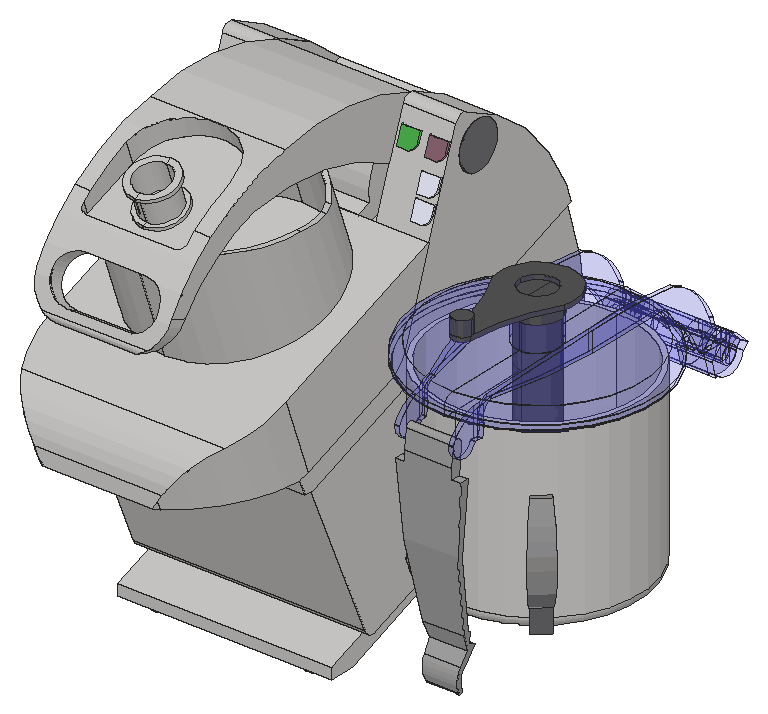
Revit family "QF_DITOSAMA_600435_DTRK55YI", category Specialty Equipment, Revit 2018
Family settings
  Round Connector Dimension = Use Diameter
  Part Type = Normal
  Work Plane-Based = No
  Always vertical = Yes
  Cut with Voids When Loaded = No
  Shared = No
  Room Calculation Point = No
Parameters (values of type "Standard")
  Weight = 27.40 kg
  Watts = 0 W
  Volts = 200 V
  URL Manufacturer = "http://www.ditosama.com"
  URL = "http://www.ditosama.com"
  Steam Supply Size = 0 mm
  Steam Supply Minimum Pressure = 0.0 Pa
  Steam Supply Maximum Pressure = 0.0 Pa
  Steam Pounds per Hour = 0
  Refrigeration Suction Line Size = 0 mm
  Refrigeration Liquid Line Size = 0 mm
  Refrigerant Compressor Remote = yes
  Manufacturer = "Dito Sama"
  Phase = 1
  Model = "DTRK55YI"
  Length Actual = 252 mm  # constant formula
  Item Number = "600435"
  Hot Water Size = 0 mm
  Height Actual = 505 mm  # constant formula
  HP = "1.7 HP"
  Gas Size = 0 mm
  Gas KW = 0
  Gas Input Pressure = 0 W
  Direct Waste Size = 0 mm
  Description = "CUTTER/SLICER 5.5L VARIAB.SPEED-1300W-200-240V/1N/50-60-CB APPROVED, SCHUKO PLUG"
  Depth Actual = 485 mm  # constant formula
  Cycle = 50 Hz
  Condensate Return Size = 0 mm
  Compressed Air Volume = 0.0 L/s
  Compressed Air Size = 0 mm
  Compressed Air Pressure = 0.0 Pa
  Cold Water Size = 0 mm
  Accessory = yes
Reference planes
  plane 1 "Center (Front/Back)": y = 0
  plane 2: z = 0
  plane 3 "Center (Left/Right)": x = 0
  plane 4 "BASE": through (-1506.947, -1354.442, -482.669) normal (0, -0.342, 0.9397)
  plane 5 "TOP": z = 725
  plane 6 "FRONT": y = -250
  plane 7 "BACK": y = 250
  plane 8 "LEFT": x = -126
  plane 9 "RIGHT": x = 126
  plane 10 "BaseSup": through (4267.2, -355.454, 143.983) normal (0, -0.342, 0.9397)
  plane 11 "TopCylinder": z = 505
  plane 12 "panel": through (4267.2, 37.396, 376.789) normal (0, -0.9397, 0.342)
  plane 13 "TAN1": through (4267.2, -242.8, 386.84) normal (0, -0.868, 0.4965)
  plane 14 "cx": x = -4.392
  plane 15: z = 490
  plane 16: z = 685
  plane 17 "EI_1": z = 320
  plane 18: z = 224
  plane 19 "SupportOblique": through (4267.2, 163.975, 96.815) normal (0, 0.809, 0.5878)
  plane 20 "CX2": x = 350
Forms (mm)
  Extrusion 1, solid, material "QF_Finishes_Stainless Steel"
    sketch origin (0, 71.755, 29.173) x (0, 0.939693, 0.34202) y (0, -0.34202, 0.939693)
      loop
        line (196.964, 40) -> (-146.726, 40) -> (-150.519, 29.578) -> (-124.204, 20) -> (196.964, 20) -> (196.964, 40)
    from -114.1 to 114.1
  Extrusion 2, solid, material "QF_Finishes_Stainless Steel"
    sketch origin (0, 71.755, 29.173) x (0, 0.939693, 0.34202) y (0, -0.34202, 0.939693)
      loop
        arc (-117.754, 231.836) -> (-115.679, 141.222) -> (-107.501, 50.953) r 1344.145
        arc (-107.501, 50.953) -> (-103.371, 43.13) -> (-95.098, 40) r 12.5
        line (-95.098, 40) -> (191.415, 40)
        arc (191.415, 40) -> (200.799, 44.052) -> (207.001, 52.177) r 20.212
        arc (207.001, 52.177) -> (236.663, 139.796) -> (245.906, 231.836) r 409.593
        line (245.906, 231.836) -> (-117.754, 231.836)
    from -123.6 to 123.2
  Extrusion 3, solid, material "QF_Finishes_Stainless Steel"
    sketch origin (0, 71.755, 29.173) x (0, 0.939693, 0.34202) y (0, -0.34202, 0.939693)
      loop
        line (-117.754, 231.836) -> (250, 231.836) -> (250, 254)
        arc (250, 254) -> (225.127, 344.7) -> (167.861, 419.303) r 244.524
        arc (167.861, 419.303) -> (160.498, 421.774) -> (153.587, 418.23) r 10
        line (153.587, 418.23) -> (25.432, 265.5)
        arc (25.432, 265.5) -> (14.376, 257.016) -> (0.77, 254) r 32.194
        line (0.77, 254) -> (-128.224, 254) -> (-128.224, 236.946) -> (-117.754, 231.836)
    from -125 to 125
  Extrusion 4, void
    sketch origin (0, 71.755, 29.173) x (0, 0.939693, 0.34202) y (0, -0.34202, 0.939693)
      loop
        line (146.605, 338.403) -> (228.145, 338.403)
        arc (228.145, 338.403) -> (202.221, 381.996) -> (167.861, 419.303) r 244.524
        arc (167.861, 419.303) -> (160.498, 421.774) -> (153.587, 418.23) r 10
        line (153.587, 418.23) -> (72.34, 321.403) -> (146.605, 321.403) -> (146.605, 338.403)
    from -76.755 to 68.071
  Extrusion 5, solid, material "QF_Finishes_Stainless Steel"
    sketch origin (0, 71.755, 29.173) x (0, 0.939693, 0.34202) y (0, -0.34202, 0.939693)
      loop
        line (86.605, 338.403) -> (69.605, 321.403) -> (146.605, 321.403) -> (146.605, 338.403) -> (138.179, 338.403) -> (138.179, 369.367)
        arc (138.179, 369.367) -> (147.784, 373.474) -> (158.149, 372.174) r 19.987
        arc (158.149, 372.174) -> (156.791, 382.001) -> (162.888, 389.826) r 12.748
        arc (162.888, 389.826) -> (123.302, 374.774) -> (101.605, 338.403) r 64.447
        line (101.605, 338.403) -> (86.605, 338.403)
    from -65 to 50
  Extrusion 6, solid, material "QF_Finishes_Stainless Steel"
    sketch origin (539, 71.755, 29.173) x (0, -0.939693, -0.34202) y (0, -0.34202, 0.939693)
      loop
        circle (-169.102, 378.696) r 12.748
    from 489 to 604
  Extrusion 7, solid, material "QF_Finishes_Rubber Black"
    sketch origin (0, 71.755, 29.173) x (0, 0.939693, 0.34202) y (0, -0.34202, 0.939693)
      loop
        circle (169.102, 378.696) r 25
    from 125 to 126.6
  Extrusion 8, solid, material "QF_Finishes_Green"
    sketch origin (-10, -113.728, -38.42) x (0, -0.34202, -0.939693) y (1, 0, 0)
      loop
        line (-529.862, 82.865) -> (-509.862, 82.865) -> (-509.862, 92.865)
        arc (-509.862, 92.865) -> (-512.791, 99.936) -> (-519.862, 102.865) r 10
        line (-519.862, 102.865) -> (-529.862, 102.865) -> (-529.862, 82.865)
    from 0 to 1.6
  Extrusion 9, solid, material "QF_Finishes_Red"
    sketch origin (20, -113.728, -38.42) x (0, -0.34202, -0.939693) y (1, 0, 0)
      loop
        line (-529.862, 82.865) -> (-509.862, 82.865) -> (-509.862, 92.865)
        arc (-509.862, 92.865) -> (-512.791, 99.936) -> (-519.862, 102.865) r 10
        line (-519.862, 102.865) -> (-529.862, 102.865) -> (-529.862, 82.865)
    from 0 to 1.6
  Extrusion 10, solid, material "QF_Finishes_Rubber Black"
    sketch origin (-20, -293.925, 99.376) x (0, -1, 0) y (1, 0, 0)
      loop
        circle (-230.144, 103.748) r 10
      loop
        circle (-230.144, -61.252) r 10
    from 9.274 to 3.787
  Extrusion 11, void
    sketch origin (-20.94, 306.731, 139.428) x (-1, 0, 0) y (0, -0.34202, 0.939693)
      loop
        circle (-20.94, 196.093) r 10
    from -1.916 to -26.433
  Extrusion 12, solid, material "QF_Finishes_Stainless Steel"
    sketch origin (-20.94, 306.678, 139.573) x (-1, 0, 0) y (0, -0.34202, 0.939693)
      loop
        circle (-20.94, 195.939) r 9.999
    from -8.514 to -26.433
  Extrusion 13, solid, material "QF_Finishes_Stainless Steel"
    sketch origin (0, -15.119, 267.855) x (0, -0.939693, -0.34202) y (1, 0, 0)
      loop
        line (-86.605, -125) -> (117.754, -125)
        arc (117.754, -125) -> (182.577, -108.838) -> (232.224, -64.135) r 138.076
        arc (232.224, -64.135) -> (246.337, -33.516) -> (250, 0) r 104.824
        arc (250, 0) -> (246.337, 33.516) -> (232.224, 64.135) r 104.824
        arc (232.224, 64.135) -> (182.577, 108.838) -> (117.754, 125) r 138.076
        line (117.754, 125) -> (-86.605, 125) -> (-86.605, -125)
    from 0 to 84.403
  Extrusion 14, void
    sketch origin (0, 71.755, 29.173) x (0, 0.939693, 0.34202) y (0, -0.34202, 0.939693)
      loop
        line (-183.149, 338.403) -> (-263.395, 338.403) -> (-263.395, 254) -> (-128.224, 254) -> (-235.716, 293.124) -> (-229.509, 307.133)
        arc (-229.509, 307.133) -> (-211.109, 329.855) -> (-183.149, 338.403) r 50
      loop
        line (86.605, 338.403) -> (25.432, 265.5)
        arc (25.432, 265.5) -> (14.376, 257.016) -> (0.77, 254) r 32.194
        line (0.77, 254) -> (86.605, 254) -> (86.605, 338.403)
    from -156.555 to 144.79
  Extrusion 15, solid, material "QF_Finishes_Rubber Black"
    sketch origin (-20, -255.757, 37.007) x (0, -0.939693, -0.34202) y (1, 0, 0)
      loop
        circle (-230.144, 103.748) r 10
      loop
        circle (-230.144, -61.252) r 10
    from -1.968 to 3.787
  Extrusion 16, solid, material "QF_Finishes_Stainless Steel"
    sketch origin (0, 0, 0) x (0, 1, 0) y (0, 0, 1)
      loop
        arc (-237.987, 360.286) -> (-193.334, 422.101) -> (-125.907, 457.716) r 167.502
        arc (-125.907, 457.716) -> (-32.614, 457.202) -> (54.785, 424.565) r 266.494
        line (54.785, 424.565) -> (73.036, 474.711)
        arc (73.036, 474.711) -> (77.269, 479.853) -> (83.792, 481.198) r 10
        arc (83.792, 481.198) -> (1.801, 503.572) -> (-83.051, 498.734) r 263.981
        arc (-83.051, 498.734) -> (-135.605, 484.534) -> (-183.511, 458.675) r 236.13
        arc (-183.511, 458.675) -> (-222.818, 420.732) -> (-248.457, 372.49) r 174.407
        arc (-248.457, 372.49) -> (-249.83, 368.135) -> (-247.05, 364.513) r 4.945
        line (-247.05, 364.513) -> (-237.987, 360.286)
    from -76.755 to 68.071
  Extrusion 17, void
    sketch origin (0, -252.846, 369.279) x (0, -0.496521, -0.868025) y (1, 0, 0)
      loop
        line (-13.723, -36.755) -> (-13.723, 28.071)
        arc (-13.723, 28.071) -> (-38.723, 53.071) -> (-63.723, 28.071) r 25
        line (-63.723, 28.071) -> (-63.723, -36.755)
        arc (-63.723, -36.755) -> (-38.723, -61.755) -> (-13.723, -36.755) r 25
    from -148.493 to 7.125
  Extrusion 18, void
    sketch origin (0, -88.076, 32.057) x (0, -0.34202, -0.939693) y (1, 0, 0)
      loop
        line (-257.162, 68.071) -> (-297.162, 68.071)
        arc (-297.162, 68.071) -> (-268.878, 56.356) -> (-257.162, 28.071) r 40
        line (-257.162, 28.071) -> (-257.162, 68.071)
      loop
        line (-257.162, -76.755) -> (-257.162, -36.755)
        arc (-257.162, -36.755) -> (-268.878, -65.039) -> (-297.162, -76.755) r 40
        line (-297.162, -76.755) -> (-257.162, -76.755)
    from 233.374 to 280.473
  Extrusion 19, void
    sketch origin (0, -73.76, 246.511) x (0, -0.939693, -0.34202) y (1, 0, 0)
      loop
        spline (50.415, 43.499) -> (50.302, 44.538) -> (50.07, 45.551) -> (49.722, 46.523) -> (49.265, 47.436) -> (48.705, 48.278) -> (48.053, 49.034) -> (47.317, 49.692) -> (46.511, 50.241) -> (45.647, 50.674) -> (44.738, 50.981) -> (43.801, 51.16) -> (42.848, 51.221)
        line (42.848, 51.221) -> (-21.826, 51.221)
        arc (-21.826, 51.221) -> (-77.476, -4.429) -> (-21.826, -60.078) r 55.65
        line (-21.826, -60.078) -> (42.849, -60.064)
        spline (42.849, -60.064) -> (43.796, -60.017) -> (44.73, -59.836) -> (45.637, -59.525) -> (46.5, -59.088) -> (47.306, -58.532) -> (48.042, -57.867) -> (48.695, -57.103) -> (49.256, -56.253) -> (49.715, -55.331) -> (50.065, -54.351) -> (50.3, -53.329) -> (50.415, -52.283)
        line (50.415, -52.283) -> (50.415, 43.499)
    from 219.928 to 259.975
  Extrusion 20, void
    sketch origin (0, -87.856, 241.381) x (0, -0.939693, -0.34202) y (1, 0, 0)
      loop
        circle (-4.976, -4.429) r 22.5
    from 184.171 to 259.975
  Extrusion 21, solid, material "QF_Finishes_Stainless Steel"
    sketch origin (0, -57.13, 252.564) x (0, -0.939693, -0.34202) y (1, 0, 0)
      loop
        circle (-27.476, -4.429) r 100
      loop
        circle (-27.476, -4.429) r 95
    from 84.403 to 219.928
  Extrusion 22, void
    sketch origin (539, 0, 0) x (0, -1, 0) y (0, 0, 1)
      loop
        line (-7.229, 448.453) -> (38.883, 431.669) -> (53.883, 431.669) -> (97.232, 435.738) -> (172.232, 435.738) -> (200.5, 434.424) -> (12.562, 502.828) -> (-7.229, 448.453)
    from 424.9 to 664
  Revolve 23, solid, material "QF_Finishes_Stainless Steel"
    sketch origin (-4.392, 0, 0) x (0, 1, 0) y (0, 0, 1)
      loop
        line (-159.523, 452.833) -> (-177.266, 446.376) -> (-188.766, 477.973) -> (-195.199, 475.631) -> (-193.959, 472.225) -> (-189.261, 473.935) -> (-179, 445.744) -> (-183.698, 444.034) -> (-182.575, 440.948) -> (-179.543, 442.052) -> (-133.191, 314.7) -> (-112.048, 322.396) -> (-159.523, 452.833)
      axis (-112.048, 322.396) -> (-171.023, 484.431)
    angle from 0 to 360
  Extrusion 24, solid, material "QF_Door-Drawer Clearances", detail levels coarse
    sketch origin (0, -262.072, 735.095) x (0, -0.581279, -0.813704) y (0, 0.813704, -0.581279)
      loop
        arc (-237.987, 360.286) -> (-193.334, 422.101) -> (-125.907, 457.716) r 167.502
        arc (-125.907, 457.716) -> (-61.925, 460.915) -> (0.971, 448.753) r 266.494
        arc (0.971, 448.753) -> (-2.208, 475.472) -> (-2.432, 502.379) r 244.524
        arc (-2.432, 502.379) -> (-31.549, 503.211) -> (-60.594, 500.999) r 278.64
        arc (-60.594, 500.999) -> (-125.023, 488.463) -> (-183.511, 458.675) r 236.13
        arc (-183.511, 458.675) -> (-222.818, 420.732) -> (-248.457, 372.49) r 174.407
        arc (-248.457, 372.49) -> (-249.83, 368.135) -> (-247.05, 364.513) r 4.945
        line (-247.05, 364.513) -> (-237.987, 360.286)
    from -76.755 to 68.071
  Extrusion 25, solid, material "QF_Door-Drawer Clearances", detail levels coarse
    sketch origin (-4.392, 0, -55) x (0, 1, 0) y (0, 0, 1)
      loop
        arc (180.062, 780.324) -> (-149.234, 694.151) -> (-249.905, 368.994) r 350.321
        line (-249.905, 368.994) -> (-246.546, 377.767)
        arc (-246.546, 377.767) -> (-144.345, 691.9) -> (174.993, 776.44) r 345.321
        line (174.993, 776.44) -> (180.062, 780.324)
    from -60 to 60
  Extrusion 26, solid, material "QF_Finishes_Rubber Black"
    sketch origin (-20, -20.834, 122.512) x (0, -0.939693, -0.34202) y (1, 0, 0)
      loop
        circle (-230.144, 103.748) r 10
      loop
        circle (-230.144, -61.252) r 10
    from -1.968 to 3.787
  Extrusion 27, void
    sketch origin (-4.392, 0, 0) x (0, 1, 0) y (0, 0, 1)
      loop
        circle (163.975, 96.815) r 5.399
    from -121.608 to 130.392
  Sweep 28, solid, material "QF_Finishes_Stainless Steel"
    path origin (0, 153.361, 111.423) x (0, -0.587785, 0.809017) y (1, 0, 0)
      loop
        line (-133.401, 56) -> (-133.401, 112.5)
        arc (-133.401, 112.5) -> (-130.472, 119.571) -> (-123.401, 122.5) r 10
        line (-123.401, 122.5) -> (-28.058, 122.5)
        arc (-28.058, 122.5) -> (-20.987, 119.571) -> (-18.058, 112.5) r 10
        line (-18.058, 112.5) -> (-18.058, -112.5)
        arc (-18.058, -112.5) -> (-20.987, -119.571) -> (-28.058, -122.5) r 10
        line (-28.058, -122.5) -> (-123.401, -122.5)
        arc (-123.401, -122.5) -> (-130.472, -119.571) -> (-133.401, -112.5) r 10
        line (-133.401, -112.5) -> (-133.401, -56)
    profile origin (84.25, 231.772, 3.5) x (0, 0.587785, -0.809017) y (0, 0.809017, 0.587785)
      loop
        circle (0, 0) r 3.5
  Extrusion 29, void
    sketch origin (-4.392, 0, 0) x (0, 1, 0) y (0, 0, 1)
      loop
        line (50.281, 42.641) -> (71.708, 50.44) -> (64.376, 57.771) -> (50.281, 52.641) -> (50.281, 42.641)
    from -119.208 to -51.608
  Extrusion 30, void
    sketch origin (4.392, 0, 0) x (0, 1, 0) y (0, 0, -1)
      loop
        line (50.281, -42.641) -> (50.281, -52.641) -> (64.376, -57.771) -> (71.708, -50.44) -> (50.281, -42.641)
    from -119.208 to -51.608
  Extrusion 31, solid, material "QF_Door-Drawer Clearances", detail levels coarse
    sketch origin (350, -160.4, -17.118) x (0, -0.34202, -0.939693) y (0, -0.939693, 0.34202)
      loop
        line (-206.754, 118.191) -> (-331.133, -223.538)
        arc (-331.133, -223.538) -> (-241.482, -246.331) -> (-149.003, -248.426) r 409.593
        arc (-149.003, -248.426) -> (-139.246, -245.378) -> (-132.229, -237.945) r 20.212
        line (-132.229, -237.945) -> (-34.236, 31.289)
        arc (-34.236, 31.289) -> (-34.347, 40.134) -> (-40.286, 46.691) r 12.5
        arc (-40.286, 46.691) -> (-122.314, 85.249) -> (-206.754, 118.191) r 1344.145
    from -123.6 to 123.2
  Extrusion 32, solid, material "QF_Door-Drawer Clearances", detail levels coarse
    sketch origin (350, -160.4, -17.118) x (0, -0.34202, -0.939693) y (0, -0.939693, 0.34202)
      loop
        line (-134.127, -243.16) -> (-115.333, -250) -> (-5.487, 51.799) -> (-5.487, 79.803) -> (-16.578, 79.803) -> (-134.127, -243.16)
    from -114.1 to 114.1
  Extrusion 33, solid, material "QF_Door-Drawer Clearances", detail levels coarse
    sketch origin (330, -388.076, 105.131) x (0, -1, 0) y (1, 0, 0)
      loop
        circle (-230.144, 103.748) r 10
      loop
        circle (-230.144, -61.252) r 10
    from -1.968 to 3.787
  Extrusion 34, solid, material "QF_Door-Drawer Clearances", detail levels coarse
    sketch origin (330, -138.076, 105.131) x (0, -1, 0) y (1, 0, 0)
      loop
        circle (-230.144, 103.748) r 10
      loop
        circle (-230.144, -61.252) r 10
    from -1.968 to 3.787
  Extrusion 35, solid, material "QF_Door-Drawer Clearances", detail levels coarse
    sketch origin (0, 250, 0) x (-1, 0, 0) y (0, 0, 1)
      loop
        circle (-350, 200) r 10
    from -89.12 to -78.665
  Extrusion 36, solid, material "QF_Finishes_White"
    sketch origin (20, -124.661, -68.457) x (0, -0.34202, -0.939693) y (1, 0, 0)
      loop
        line (-529.862, 82.865) -> (-509.862, 82.865) -> (-509.862, 92.865)
        arc (-509.862, 92.865) -> (-512.791, 99.936) -> (-519.862, 102.865) r 10
        line (-519.862, 102.865) -> (-529.862, 102.865) -> (-529.862, 82.865)
    from 0 to 1.6
  Extrusion 37, solid, material "QF_Finishes_White"
    sketch origin (20, -132.869, -91.01) x (0, -0.34202, -0.939693) y (1, 0, 0)
      loop
        line (-529.862, 82.865) -> (-509.862, 82.865) -> (-509.862, 92.865)
        arc (-509.862, 92.865) -> (-512.791, 99.936) -> (-519.862, 102.865) r 10
        line (-519.862, 102.865) -> (-529.862, 102.865) -> (-529.862, 82.865)
    from 0 to 1.6
Cuts and joins
  Extrusion 4, Extrusion 18, Extrusion 19, Extrusion 20 cuts Extrusion 3
  Extrusion 14, Extrusion 18, Extrusion 19, Extrusion 20 cuts Extrusion 13
  Extrusion 17, Extrusion 18, Extrusion 19, Extrusion 20 cuts Extrusion 16
  Extrusion 11, Extrusion 19, Extrusion 20 cuts Extrusion 2
  Extrusion 22 cuts Extrusion 21
  Extrusion 27, Extrusion 29, Extrusion 30 cuts Extrusion 1
Lines and regions (mm)
  Split face 1
    outline origin (125, 73.036, 474.711) x (-1, 0, 0) y (0, -0.34202, -0.939693)
      loop
        arc (0, 8) -> (1.464, 4.464) -> (5, 3) r 5
        line (5, 3) -> (51.929, 3)
        arc (51.929, 3) -> (55.464, 4.464) -> (56.929, 8) r 5
        line (56.929, 8) -> (56.929, 96.206)
        arc (56.929, 96.206) -> (55.464, 99.742) -> (51.929, 101.206) r 5
        line (51.929, 101.206) -> (5, 101.206)
        arc (5, 101.206) -> (1.464, 99.742) -> (0, 96.206) r 5
        line (0, 96.206) -> (0, 8)
  symbolic lines
    curve 1: line (-76.755, 170.4, 0) -> (-76.755, -235.217, 0)
    curve 2: line (68.071, -235.135, 0) -> (68.071, 170.4, 0)
    curve 3: line (-76.755, 83.792, 0) -> (68.071, 83.792, 0)
    curve 4: line (-76.755, 170.4, 0) -> (68.071, 170.4, 0)
    curve 5: line (68.071, -83.051, 0) -> (-76.755, -83.051, 0)
    curve 6: line (-60.078, -136.967, 0) -> (51.221, -136.967, 0)
    curve 7: line (-60.078, -128.47, 0) -> (-60.078, -194.06, 0)
    curve 8: line (51.221, -193.76, 0) -> (51.221, -128.47, 0)
    curve 9: spline (-52.282, -199.891, 0) -> (-53.276, -199.815, 0) -> (-54.25, -199.647, 0) -> (-55.19, -199.39, 0) -> (-56.081, -199.046, 0) -> (-56.909, -198.622, 0) -> (-57.663, -198.124, 0) -> (-58.331, -197.559, 0) -> (-58.902, -196.936, 0) -> (-59.369, -196.264, 0) -> (-59.724, -195.553, 0) -> (-59.961, -194.815, 0) -> (-60.078, -194.06, 0)
    curve 10: line (43.499, -199.901, 0) -> (-52.283, -199.901, 0)
    curve 11: spline (51.218, -193.76, 0) -> (51.156, -194.554, 0) -> (50.964, -195.333, 0) -> (50.645, -196.085, 0) -> (50.204, -196.798, 0) -> (49.648, -197.459, 0) -> (48.986, -198.058, 0) -> (48.229, -198.586, 0) -> (47.39, -199.033, 0) -> (46.483, -199.392, 0) -> (45.521, -199.658, 0) -> (44.521, -199.826, 0) -> (43.499, -199.893, 0)
    curve 12: spline (-4.392, -146.848, 0) -> (-11.05, -147.672, 0) -> (-17.255, -150.087, 0) -> (-22.583, -153.929, 0) -> (-26.672, -158.936, 0) -> (-29.242, -164.766, 0) -> (-30.119, -171.023, 0) -> (-29.242, -177.28, 0) -> (-26.672, -183.111, 0) -> (-22.583, -188.118, 0) -> (-17.255, -191.96, 0) -> (-11.05, -194.375, 0) -> (-4.392, -195.199, 0)
    curve 13: spline (-4.392, -195.199, 0) -> (2.267, -194.375, 0) -> (8.472, -191.96, 0) -> (13.8, -188.118, 0) -> (17.888, -183.111, 0) -> (20.459, -177.28, 0) -> (21.335, -171.023, 0) -> (20.459, -164.766, 0) -> (17.888, -158.936, 0) -> (13.8, -153.929, 0) -> (8.472, -150.087, 0) -> (2.267, -147.672, 0) -> (-4.392, -146.848, 0)
    curve 14: spline (-4.392, -188.766, 0) -> (-9.279, -188.162, 0) -> (-13.832, -186.389, 0) -> (-17.743, -183.569, 0) -> (-20.744, -179.895, 0) -> (-22.63, -175.616, 0) -> (-23.273, -171.023, 0) -> (-22.63, -166.431, 0) -> (-20.744, -162.152, 0) -> (-17.743, -158.477, 0) -> (-13.832, -155.658, 0) -> (-9.279, -153.885, 0) -> (-4.392, -153.281, 0)
    curve 15: spline (-4.392, -153.281, 0) -> (0.495, -153.885, 0) -> (5.049, -155.658, 0) -> (8.96, -158.477, 0) -> (11.96, -162.152, 0) -> (13.846, -166.431, 0) -> (14.49, -171.023, 0) -> (13.846, -175.616, 0) -> (11.96, -179.895, 0) -> (8.96, -183.569, 0) -> (5.049, -186.389, 0) -> (0.495, -188.162, 0) -> (-4.392, -188.766, 0)
    curve 16: spline (-22.254, -165.273, 0) -> (-20.617, -168.597, 0) -> (-18.289, -171.534, 0) -> (-15.368, -173.96, 0) -> (-11.98, -175.77, 0) -> (-8.268, -176.888, 0) -> (-4.392, -177.266, 0) -> (-0.515, -176.888, 0) -> (3.197, -175.77, 0) -> (6.585, -173.96, 0) -> (9.505, -171.534, 0) -> (11.834, -168.597, 0) -> (13.471, -165.273, 0)
    curve 17: spline (21.106, -162.743, 0) -> (21.02, -155.749, 0) -> (18.807, -149.071, 0) -> (14.651, -143.268, 0) -> (8.902, -138.825, 0) -> (2.04, -136.115, 0) -> (-5.361, -135.365, 0) -> (-12.68, -136.637, 0) -> (-19.306, -139.824, 0) -> (-24.683, -144.661, 0) -> (-28.361, -150.742, 0) -> (-30.034, -157.558, 0) -> (-29.559, -164.538, 0)
    curve 18: spline (15.591, -154.349, 0) -> (13.851, -150.277, 0) -> (11.185, -146.674, 0) -> (7.729, -143.723, 0) -> (3.657, -141.574, 0) -> (-0.824, -140.337, 0) -> (-5.485, -140.073, 0) -> (-10.091, -140.797, 0) -> (-14.408, -142.471, 0) -> (-18.216, -145.011, 0) -> (-21.322, -148.287, 0) -> (-23.569, -152.134, 0) -> (-24.843, -156.356, 0)
    curve 19: line (-36.755, -245.358, 0) -> (-36.755, -220.255, 0)
    curve 20: line (28.071, -220.255, 0) -> (28.071, -245.358, 0)
    curve 21: line (-36.755, -220.255, 0) -> (28.071, -220.255, 0)
    curve 22: line (-36.755, -231.961, 0) -> (28.071, -231.961, 0)
    curve 23: line (28.071, -245.358, 0) -> (-36.755, -245.358, 0)
    curve 24: arc (-36.755, -231.961, 0) -> (-47.346, -230.66, 0) -> (-57.309, -226.836, 0) r 43.78
    curve 25: arc (28.071, -231.961, 0) -> (38.611, -230.648, 0) -> (48.525, -226.836, 0) r 43.78
    curve 26: line (108.532, -216.09, 0) -> (68.016, -248.959, 0)
    curve 27: spline (108.532, -216.09, 0) -> (111.117, -211.341, 0) -> (113.492, -206.496, 0) -> (115.654, -201.564, 0) -> (117.598, -196.552, 0) -> (119.32, -191.469, 0) -> (120.82, -186.324, 0) -> (122.092, -181.125, 0) -> (123.137, -175.882, 0) -> (123.951, -170.603, 0) -> (124.533, -165.296, 0) -> (124.883, -159.972, 0) -> (125, -154.639, 0)
    curve 28: line (125, -154.639, 0) -> (125, 227.385, 0)
    curve 29: spline (63.971, -249.433, 0) -> (63.542, -249.481, 0) -> (63.11, -249.529, 0) -> (62.674, -249.577, 0) -> (62.235, -249.624, 0) -> (61.792, -249.672, 0) -> (61.346, -249.719, 0) -> (60.896, -249.766, 0) -> (60.442, -249.813, 0) -> (59.985, -249.86, 0) -> (59.525, -249.907, 0) -> (59.06, -249.954, 0) -> (58.593, -250, 0)
    curve 30: spline (68.016, -248.959, 0) -> (67.688, -248.999, 0) -> (67.358, -249.038, 0) -> (67.026, -249.078, 0) -> (66.693, -249.118, 0) -> (66.359, -249.157, 0) -> (66.022, -249.197, 0) -> (65.684, -249.236, 0) -> (65.345, -249.276, 0) -> (65.004, -249.315, 0) -> (64.661, -249.354, 0) -> (64.317, -249.394, 0) -> (63.971, -249.433, 0)
    curve 31: line (-68.016, -248.959, 0) -> (68.016, -248.959, 0)
    curve 32: line (-68.016, -248.959, 0) -> (-108.532, -216.09, 0)
    curve 33: spline (-63.971, -249.433, 0) -> (-64.317, -249.394, 0) -> (-64.661, -249.354, 0) -> (-65.004, -249.315, 0) -> (-65.345, -249.276, 0) -> (-65.684, -249.236, 0) -> (-66.022, -249.197, 0) -> (-66.359, -249.157, 0) -> (-66.693, -249.118, 0) -> (-67.026, -249.078, 0) -> (-67.358, -249.038, 0) -> (-67.688, -248.999, 0) -> (-68.016, -248.959, 0)
    curve 34: spline (-58.593, -250, 0) -> (-59.06, -249.954, 0) -> (-59.525, -249.907, 0) -> (-59.985, -249.86, 0) -> (-60.442, -249.813, 0) -> (-60.896, -249.766, 0) -> (-61.346, -249.719, 0) -> (-61.792, -249.672, 0) -> (-62.235, -249.624, 0) -> (-62.674, -249.577, 0) -> (-63.11, -249.529, 0) -> (-63.542, -249.481, 0) -> (-63.971, -249.433, 0)
    curve 35: line (-76.755, -235.217, 0) -> (-60.604, -248.457, 0)
    curve 36: spline (-125, -154.639, 0) -> (-124.883, -159.972, 0) -> (-124.533, -165.296, 0) -> (-123.951, -170.603, 0) -> (-123.137, -175.882, 0) -> (-122.092, -181.125, 0) -> (-120.82, -186.324, 0) -> (-119.32, -191.469, 0) -> (-117.598, -196.552, 0) -> (-115.654, -201.564, 0) -> (-113.492, -206.496, 0) -> (-111.117, -211.341, 0) -> (-108.532, -216.09, 0)
    curve 37: line (-125, 227.385, 0) -> (-125, -154.639, 0)
    curve 38: arc (-76.755, -160.023, 0) -> (-93.256, -130.498, 0) -> (-99.37, -97.232, 0) r 103.622
    curve 39: arc (-76.755, -168.026, 0) -> (-96.901, -135.101, 0) -> (-104.377, -97.232, 0) r 109.55
    curve 40: spline (-99.395, -97.232, 0) -> (-99.428, -93.546, 0) -> (-99.341, -89.86, 0) -> (-99.135, -86.178, 0) -> (-98.81, -82.506, 0) -> (-98.367, -78.845, 0) -> (-97.806, -75.201, 0) -> (-97.127, -71.576, 0) -> (-96.331, -67.976, 0) -> (-95.419, -64.402, 0) -> (-94.392, -60.86, 0) -> (-93.251, -57.352, 0) -> (-91.998, -53.883, 0)
    curve 41: arc (-91.998, -53.883, 0) -> (-88.614, -46.234, 0) -> (-84.624, -38.883, 0) r 103.541
    curve 42: spline (-84.624, -38.883, 0) -> (-84.026, -38.009, 0) -> (-83.417, -37.142, 0) -> (-82.798, -36.282, 0) -> (-82.167, -35.428, 0) -> (-81.527, -34.582, 0) -> (-80.876, -33.742, 0) -> (-80.214, -32.91, 0) -> (-79.543, -32.085, 0) -> (-78.861, -31.267, 0) -> (-78.169, -30.457, 0) -> (-77.467, -29.655, 0) -> (-76.755, -28.86, 0)
    curve 43: spline (-90.488, -38.883, 0) -> (-89.506, -37.356, 0) -> (-88.492, -35.846, 0) -> (-87.448, -34.355, 0) -> (-86.375, -32.883, 0) -> (-85.271, -31.43, 0) -> (-84.139, -29.997, 0) -> (-82.978, -28.585, 0) -> (-81.788, -27.193, 0) -> (-80.571, -25.823, 0) -> (-79.326, -24.476, 0) -> (-78.054, -23.15, 0) -> (-76.755, -21.847, 0)
    curve 44: arc (-97.398, -53.883, 0) -> (-94.227, -46.252, 0) -> (-90.488, -38.883, 0) r 109.406
    curve 45: spline (-104.397, -97.232, 0) -> (-104.428, -93.553, 0) -> (-104.346, -89.875, 0) -> (-104.151, -86.201, 0) -> (-103.844, -82.535, 0) -> (-103.425, -78.879, 0) -> (-102.894, -75.238, 0) -> (-102.252, -71.615, 0) -> (-101.499, -68.013, 0) -> (-100.637, -64.435, 0) -> (-99.665, -60.886, 0) -> (-98.585, -57.367, 0) -> (-97.398, -53.883, 0)
    curve 46: spline (-104.429, -60.179, 0) -> (-104.227, -54.213, 0) -> (-103.623, -48.272, 0) -> (-102.618, -42.379, 0) -> (-101.218, -36.558, 0) -> (-99.427, -30.832, 0) -> (-97.253, -25.224, 0) -> (-94.704, -19.758, 0) -> (-91.791, -14.454, 0) -> (-88.526, -9.335, 0) -> (-84.922, -4.421, 0) -> (-80.993, 0.268, 0) -> (-76.755, 4.714, 0)
    curve 47: line (-104.429, -60.179, 0) -> (-104.429, -91.125, 0)
    curve 48: line (-125, 37.396, 0) -> (-76.755, 37.396, 0)
    curve 49: line (-125, 227.385, 0) -> (125, 227.385, 0)
    curve 50: line (-125, 219.805, 0) -> (125, 219.805, 0)
    curve 51: line (-65, 113.885, 0) -> (50, 113.885, 0)
    curve 52: line (50, 113.885, 0) -> (50, 83.792, 0)
    curve 53: line (-65, 113.885, 0) -> (-65, 83.792, 0)
    curve 54: line (-65, 91.491, 0) -> (50, 91.491, 0)
    curve 55: line (50, 93.777, 0) -> (68.071, 93.777, 0)
    curve 56: line (-65, 93.777, 0) -> (-76.755, 93.777, 0)
    curve 57: line (72.865, 68.37, 0) -> (92.865, 68.37, 0)
    curve 58: line (72.865, 60.026, 0) -> (72.865, 68.37, 0)
    curve 59: line (82.865, 60.026, 0) -> (72.865, 60.026, 0)
    curve 60: line (92.865, 68.37, 0) -> (92.865, 63.446, 0)
    curve 61: line (-123.6, 250, 0) -> (123.2, 250, 0)
    curve 62: line (123.2, 227.385, 0) -> (123.2, 250, 0)
    curve 63: line (-123.6, 227.385, 0) -> (-123.6, 250, 0)
    curve 64: line (68.071, 37.396, 0) -> (125, 37.396, 0)
    curve 65: line (68.071, -235.135, 0) -> (51.82, -248.457, 0)
    curve 66: arc (68.071, -159.898, 0) -> (84.5, -130.423, 0) -> (90.587, -97.232, 0) r 103.622
    curve 67: arc (68.071, -167.913, 0) -> (88.145, -135.031, 0) -> (95.593, -97.232, 0) r 109.55
    curve 68: spline (90.612, -97.232, 0) -> (90.644, -93.546, 0) -> (90.558, -89.86, 0) -> (90.352, -86.178, 0) -> (90.027, -82.506, 0) -> (89.584, -78.845, 0) -> (89.022, -75.201, 0) -> (88.343, -71.576, 0) -> (87.547, -67.976, 0) -> (86.636, -64.402, 0) -> (85.609, -60.86, 0) -> (84.468, -57.352, 0) -> (83.214, -53.883, 0)
    curve 69: arc (83.214, -53.883, 0) -> (79.831, -46.234, 0) -> (75.841, -38.883, 0) r 103.541
    curve 70: spline (75.841, -38.883, 0) -> (75.25, -38.019, 0) -> (74.648, -37.162, 0) -> (74.036, -36.312, 0) -> (73.414, -35.468, 0) -> (72.781, -34.631, 0) -> (72.138, -33.801, 0) -> (71.485, -32.977, 0) -> (70.822, -32.161, 0) -> (70.149, -31.353, 0) -> (69.466, -30.551, 0) -> (68.774, -29.757, 0) -> (68.071, -28.97, 0)
    curve 71: spline (81.705, -38.883, 0) -> (80.729, -37.365, 0) -> (79.722, -35.865, 0) -> (78.685, -34.383, 0) -> (77.619, -32.92, 0) -> (76.523, -31.476, 0) -> (75.399, -30.051, 0) -> (74.246, -28.647, 0) -> (73.066, -27.263, 0) -> (71.857, -25.901, 0) -> (70.622, -24.56, 0) -> (69.36, -23.242, 0) -> (68.071, -21.946, 0)
    curve 72: arc (88.615, -53.883, 0) -> (85.443, -46.252, 0) -> (81.705, -38.883, 0) r 109.406
    curve 73: spline (95.614, -97.232, 0) -> (95.644, -93.553, 0) -> (95.562, -89.875, 0) -> (95.368, -86.201, 0) -> (95.061, -82.535, 0) -> (94.641, -78.879, 0) -> (94.111, -75.238, 0) -> (93.469, -71.615, 0) -> (92.716, -68.013, 0) -> (91.853, -64.435, 0) -> (90.882, -60.886, 0) -> (89.802, -57.367, 0) -> (88.615, -53.883, 0)
    curve 74: spline (95.645, -60.179, 0) -> (95.444, -54.225, 0) -> (94.842, -48.295, 0) -> (93.842, -42.413, 0) -> (92.446, -36.602, 0) -> (90.662, -30.886, 0) -> (88.496, -25.287, 0) -> (85.957, -19.829, 0) -> (83.055, -14.533, 0) -> (79.802, -9.421, 0) -> (76.21, -4.512, 0) -> (72.295, 0.173, 0) -> (68.071, 4.615, 0)
    curve 75: line (95.645, -60.179, 0) -> (95.645, -91.125, 0)
    curve 76: arc (82.865, 60.026, 0) -> (86.108, 60.224, 0) -> (89.302, 60.816, 0) r 26.611
    curve 77: arc (89.302, 60.816, 0) -> (91.344, 61.778, 0) -> (92.865, 63.446, 0) r 5.801
    curve 78: line (102.865, 68.37, 0) -> (122.865, 68.37, 0)
    curve 79: line (102.865, 60.026, 0) -> (102.865, 68.37, 0)
    curve 80: line (112.865, 60.026, 0) -> (102.865, 60.026, 0)
    curve 81: line (122.865, 68.37, 0) -> (122.865, 63.446, 0)
    curve 82: arc (112.865, 60.026, 0) -> (116.108, 60.224, 0) -> (119.302, 60.816, 0) r 26.611
    curve 83: arc (119.302, 60.816, 0) -> (121.344, 61.778, 0) -> (122.865, 63.446, 0) r 5.801
    curve 84: line (102.865, 57.437, 0) -> (122.865, 57.437, 0)
    curve 85: line (102.865, 49.093, 0) -> (102.865, 57.437, 0)
    curve 86: line (112.865, 49.093, 0) -> (102.865, 49.093, 0)
    curve 87: line (122.865, 57.437, 0) -> (122.865, 52.513, 0)
    curve 88: arc (112.865, 49.093, 0) -> (116.108, 49.291, 0) -> (119.302, 49.884, 0) r 26.611
    curve 89: arc (119.302, 49.884, 0) -> (121.344, 50.845, 0) -> (122.865, 52.513, 0) r 5.801
    curve 90: line (102.865, 47.725, 0) -> (122.865, 47.725, 0)
    curve 91: line (102.865, 39.381, 0) -> (102.865, 47.725, 0)
    curve 92: line (112.865, 39.381, 0) -> (102.865, 39.381, 0)
    curve 93: line (122.865, 47.725, 0) -> (122.865, 42.801, 0)
    curve 94: arc (112.865, 39.381, 0) -> (116.108, 39.579, 0) -> (119.302, 40.172, 0) r 26.611
    curve 95: arc (119.302, 40.172, 0) -> (121.344, 41.133, 0) -> (122.865, 42.801, 0) r 5.801
Dimensions and locks
  plane 5 "TOP" to level = 725 mm  (x2)
  plane 8 "LEFT" to plane 3 "Center (Left/Right)" to plane 9 "RIGHT" = 126 mm, 126 mm
  plane 7 "BACK" to plane 1 "Center (Front/Back)" to plane 6 "FRONT" = 250 mm, 250 mm
  plane 5 "TOP" to plane 2 = 725 mm
  plane 5 "TOP" to plane 11 "TopCylinder" = 220 mm
  plane 6 "FRONT" to plane 7 "BACK" = 500 mm
  plane 7 "BACK" to plane 6 "FRONT" = 500 mm
  plane 11 "TopCylinder" to level = 505 mm  (x2)
  plane 15 to level = 490 mm  (x2)
  plane 16 to level = 685 mm
  plane 17 "EI_1" to level = 320 mm
  plane 18 to level = 224 mm
  plane 16 to plane 2 = 685 mm
  plane 9 "RIGHT" to plane 8 "LEFT" = 252 mm
  aligned and locked: level to plane 2
Nested families
  nested 1: "QF_600532_BOWL" at (360, -39.665, -20.592), type "QF_600532_BOWL"
Connectors
  electrical at (0, 231.662, 320.783), driven by "Volts"
    settings: on Extrusion 12, index 1, voltage 200 V, apparent load 0 VA, apparent load phase1 0 VA, apparent load phase2 0 VA, apparent load phase3 0 VA, power factor 1, load classification "Other", number of poles 1, system type 30, power factor state 1, is connector primary yes, connector utility no, sub classification motor no, connector description "Electrical Connection"
Definition of nested family "QF_600532_BOWL"
  Reference planes
    plane 1 "Center (Front/Back)": y = 0
    plane 2: z = 0
    plane 3 "Center (Left/Right)": x = 0
    plane 4 "TOP": z = 705.4
    plane 5 "FRONT": y = -211
    plane 6 "BACK": y = 211
    plane 7 "LEFT": x = -128
    plane 8 "RIGHT": x = 128
    plane 9 "CenterX": x = -10
    plane 10 "Maniglia": through (-10, -59.177, 4000) normal (0.766, 0.6428, 0)
    plane 11 "Panel": through (4267.2, 107.252, 388.448) normal (0, 0.766, -0.6428)
    plane 12: z = 510
  Forms (mm)
    Revolve 1, solid
      sketch origin (-10, 0, 0) x (0, -1, 0) y (0, 0, 1)
        loop
          line (59.177, 490.527) -> (28.516, 490.527) -> (35.424, 483.619) -> (35.424, 470.527) -> (38.194, 470.527) -> (38.194, 356.104) -> (59.177, 356.104) -> (59.177, 490.527)
        axis (59.177, 356.104) -> (59.177, 490.527)
      angle from 0 to 360
    Extrusion 2, solid
      sketch origin (0, 0, 0) x (1, 0, 0) y (0, 1, 0)
        loop
          arc (-48.167, -71.147) -> (-28.951, -114.517) -> (-19.956, -161.093) r 210.055
          arc (-19.956, -161.093) -> (-10, -170.155) -> (-0.044, -161.093) r 10
          arc (-0.044, -161.093) -> (8.951, -114.517) -> (28.167, -71.147) r 210.055
          arc (28.167, -71.147) -> (-10, -19.177) -> (-48.167, -71.147) r 40
      from 490.527 to 495.013
    Extrusion 3, solid
      sketch origin (0, 0, 0) x (1, 0, 0) y (0, 1, 0)
        loop
          circle (-10, -160.155) r 10
      from 495.013 to 510.592
    Extrusion 4, void
      sketch origin (0, 0, 0) x (1, 0, 0) y (0, 1, 0)
        loop
          circle (-10, -59.177) r 19
      from 467.615 to 512.796
    Extrusion 5, void
      sketch origin (-20, 0, 0) x (-1, 0, 0) y (0, -1, 0)
        loop
          line (16.15, 177.864) -> (16.15, -123.86) -> (35.771, -123.86) -> (35.771, 48.192)
          arc (35.771, 48.192) -> (30.047, 105.502) -> (17.781, 161.776) r 500.876
          line (17.781, 161.776) -> (17.781, 171.776) -> (16.15, 177.864)
        loop
          line (40.771, -123.86) -> (45.852, -123.86) -> (45.852, 210.681) -> (21.15, 210.681) -> (21.15, 178.522) -> (22.781, 172.434) -> (22.781, 162.459)
          arc (22.781, 162.459) -> (35.047, 105.893) -> (40.771, 48.297) r 505.876
          line (40.771, 48.297) -> (40.771, -123.86)
      from 381.652 to 477.521
    Extrusion 6, solid
      sketch origin (-20, 0, 0) x (0, 1, 0) y (0, 0, -1)
        loop
          line (-173.064, -409.647) -> (-181.147, -409.647)
          arc (-181.147, -409.647) -> (-199.354, -399.982) -> (-210.844, -417.096) r 15.391
          arc (-210.844, -417.096) -> (-202.04, -429.372) -> (-189.058, -437.099) r 36.946
          arc (-189.058, -437.099) -> (-65.868, -463.241) -> (59.99, -458.888) r 518.061
          arc (59.99, -458.888) -> (92.246, -438.11) -> (113.023, -405.855) r 90.696
          arc (113.023, -405.855) -> (114.903, -399.662) -> (115.972, -393.28) r 50.278
          arc (115.972, -393.28) -> (121.968, -392.806) -> (127.203, -389.844) r 13.902
          arc (127.203, -389.844) -> (135.322, -382.188) -> (143.082, -374.167) r 242.898
          line (143.082, -374.167) -> (137.378, -368.464)
          arc (137.378, -368.464) -> (123.613, -353.84) -> (104.088, -358.543) r 20
          line (104.088, -358.543) -> (99.34, -358.543)
          arc (99.34, -358.543) -> (88.098, -393.587) -> (65.823, -422.884) r 108.872
          line (65.823, -422.884) -> (50.823, -422.884)
          arc (50.823, -422.884) -> (52.796, -423.701) -> (53.614, -425.674) r 2.79
          line (53.614, -425.674) -> (53.614, -430.892)
          arc (53.614, -430.892) -> (50.154, -439.244) -> (41.802, -442.703) r 11.812
          line (41.802, -442.703) -> (-160.307, -442.703)
          arc (-160.307, -442.703) -> (-168.659, -439.244) -> (-172.119, -430.892) r 11.812
          line (-172.119, -430.892) -> (-172.119, -425.826)
          arc (-172.119, -425.826) -> (-171.728, -424.361) -> (-170.659, -423.285) r 2.942
          line (-170.659, -423.285) -> (-173.064, -409.647)
        loop
          circle (117.901, -373.007) r 9.416
      from 16.15 to 45.852
    Extrusion 7, solid
      sketch origin (0, 0, 0) x (0, 1, 0) y (0, 0, 1)
        loop
          line (137.378, 368.464) -> (143.082, 374.167)
          arc (143.082, 374.167) -> (135.322, 382.188) -> (127.203, 389.844) r 242.898
          arc (127.203, 389.844) -> (116.931, 393.38) -> (107.252, 388.448) r 13.902
          line (107.252, 388.448) -> (95.766, 374.76)
          arc (95.766, 374.76) -> (97.862, 366.72) -> (99.34, 358.543) r 108.872
          line (99.34, 358.543) -> (104.088, 358.543)
          arc (104.088, 358.543) -> (123.613, 353.84) -> (137.378, 368.464) r 20
        loop
          circle (117.901, 373.007) r 9.416
      from -71.073 to 53.607
    Extrusion 8, solid
      sketch origin (0, 0, 0) x (0, 1, 0) y (0, 0, 1)
        loop
          arc (-182.273, 168.111) -> (-185.377, 178.111) -> (-182.273, 188.111) r 17.658
          line (-182.273, 188.111) -> (-169.592, 207.294) -> (-177.764, 211.104) -> (-177.764, 222.201) -> (-180.378, 224.815)
          arc (-180.378, 224.815) -> (-195.887, 307.452) -> (-195.295, 391.529) r 437.299
          line (-195.295, 391.529) -> (-193.232, 411.422)
          arc (-193.232, 411.422) -> (-197.69, 416.911) -> (-203.179, 412.454) r 5
          line (-203.179, 412.454) -> (-205.242, 392.56)
          arc (-205.242, 392.56) -> (-202.268, 306.332) -> (-185.461, 221.705) r 534.528
          line (-185.461, 221.705) -> (-177.764, 203.503) -> (-186.394, 190.943)
          arc (-186.394, 190.943) -> (-190.377, 178.111) -> (-186.394, 165.28) r 22.658
          arc (-186.394, 165.28) -> (-182.917, 164.635) -> (-182.273, 168.111) r 2.5
      from -49.646 to 27.326
    Extrusion 9, void
      sketch origin (0, -211, 0) x (-1, 0, 0) y (0, 0, 1)
        loop
          line (-15.15, 416.938) -> (-47.326, 416.938) -> (-47.326, 161.938) -> (-6.963, 161.938) -> (-24.508, 381.652) -> (-15.15, 381.652) -> (-15.15, 416.938)
        loop
          line (26.963, 161.938) -> (77.918, 161.938) -> (77.918, 416.938) -> (35.15, 416.938) -> (35.15, 381.652) -> (44.508, 381.652) -> (26.963, 161.938)
      from 46.08 to -69.339
    Extrusion 10, solid
      sketch origin (0, 0, 0) x (0, 1, 0) y (0, 0, 1)
        loop
          line (-173.064, 409.647) -> (-170.659, 423.285)
          arc (-170.659, 423.285) -> (-171.728, 424.361) -> (-172.119, 425.826) r 2.942
          line (-172.119, 425.826) -> (-172.119, 430.892)
          arc (-172.119, 430.892) -> (-168.659, 439.244) -> (-160.307, 442.703) r 11.812
          line (-160.307, 442.703) -> (41.802, 442.703)
          arc (41.802, 442.703) -> (50.154, 439.244) -> (53.614, 430.892) r 11.812
          line (53.614, 430.892) -> (53.614, 425.674)
          arc (53.614, 425.674) -> (52.796, 423.701) -> (50.823, 422.884) r 2.79
          line (50.823, 422.884) -> (65.823, 422.884)
          arc (65.823, 422.884) -> (88.098, 393.587) -> (99.34, 358.543) r 108.872
          line (99.34, 358.543) -> (104.088, 358.543)
          arc (104.088, 358.543) -> (123.613, 353.84) -> (137.378, 368.464) r 20
          line (137.378, 368.464) -> (143.082, 374.167)
          arc (143.082, 374.167) -> (135.322, 382.188) -> (127.203, 389.844) r 242.898
          arc (127.203, 389.844) -> (121.968, 392.806) -> (115.972, 393.28) r 13.902
          arc (115.972, 393.28) -> (114.903, 399.662) -> (113.023, 405.855) r 50.278
          arc (113.023, 405.855) -> (92.246, 438.11) -> (59.99, 458.888) r 90.696
          arc (59.99, 458.888) -> (-65.868, 463.241) -> (-189.058, 437.099) r 518.061
          arc (-189.058, 437.099) -> (-202.04, 429.372) -> (-210.844, 417.096) r 36.946
          arc (-210.844, 417.096) -> (-199.354, 399.982) -> (-181.147, 409.647) r 15.391
          line (-181.147, 409.647) -> (-173.064, 409.647)
        loop
          circle (117.901, 373.007) r 9.416
      from 16.15 to 45.852
    Extrusion 11, void
      sketch origin (0, 0, 0) x (1, 0, 0) y (0, 1, 0)
        loop
          line (16.15, -177.864) -> (17.781, -171.776) -> (17.781, -161.776)
          arc (17.781, -161.776) -> (30.047, -105.502) -> (35.771, -48.192) r 500.876
          line (35.771, -48.192) -> (35.771, 123.86) -> (16.15, 123.86) -> (16.15, -177.864)
        loop
          line (40.771, 123.86) -> (40.771, -48.297)
          arc (40.771, -48.297) -> (35.047, -105.893) -> (22.781, -162.459) r 505.876
          line (22.781, -162.459) -> (22.781, -172.434) -> (21.15, -178.522) -> (21.15, -210.681) -> (45.852, -210.681) -> (45.852, 123.86) -> (40.771, 123.86)
      from 381.652 to 477.521
    Revolve 12, solid
      sketch origin (-10, 0, 0) x (0, -1, 0) y (0, 0, 1)
        loop
          line (38.194, 422.884) -> (38.194, 470.527) -> (35.424, 470.527) -> (35.424, 442.703) -> (-53.802, 442.703)
          arc (-53.802, 442.703) -> (-62.213, 439.268) -> (-65.732, 430.892) r 11.871
          line (-65.732, 430.892) -> (-65.732, 425.793)
          arc (-65.732, 425.793) -> (-64.88, 423.736) -> (-62.823, 422.884) r 2.909
          line (-62.823, 422.884) -> (38.194, 422.884)
        axis (59.177, 422.884) -> (59.177, 470.527)
      angle from 0 to 360
    Revolve 13, solid
      sketch origin (-10, 0, 0) x (0, -1, 0) y (0, 0, 1)
        loop
          line (169.177, 422.884) -> (164.177, 422.884) -> (164.177, 237.884)
          arc (164.177, 237.884) -> (162.191, 233.09) -> (157.397, 231.104) r 6.78
          line (157.397, 231.104) -> (84.177, 231.104) -> (84.177, 356.104) -> (79.177, 356.104) -> (79.177, 226.104) -> (157.397, 226.104)
          arc (157.397, 226.104) -> (165.726, 229.554) -> (169.177, 237.884) r 11.78
          line (169.177, 237.884) -> (169.177, 422.884)
        axis (59.177, 422.884) -> (59.177, 226.104)
      angle from 0 to 360
    Extrusion 14, solid
      sketch origin (-49.423, -13.925, 0) x (0.634002, 0.773331, 0) y (-0.773331, 0.634002, 0)
        loop
          line (-55.497, -222.333) -> (-26.468, -227.794) -> (-20.635, -161.119)
          arc (-20.635, -161.119) -> (-28.727, -159.898) -> (-36.729, -158.185) r 133.529
          line (-36.729, -158.185) -> (-55.497, -222.333)
      from 226.104 to 356.104
    Revolve 15, void
      sketch origin (-35.007, -29.374, 0) x (-0.642788, 0.766044, 0) y (0, 0, 1)
        loop
          arc (-155.215, 337.579) -> (-171.344, 302.579) -> (-155.215, 267.579) r 46.04
          line (-155.215, 267.579) -> (-147.754, 267.579) -> (-147.754, 337.579) -> (-155.215, 337.579)
        loop
          line (-155.215, 356.104) -> (-147.754, 356.104) -> (-147.754, 361.761) -> (-215.215, 361.761) -> (-215.215, 226.104) -> (-147.754, 226.104) -> (-147.754, 256.485) -> (-163.93, 256.485)
          arc (-163.93, 256.485) -> (-184.453, 308.471) -> (-155.215, 356.104) r 62.537
        axis (10, 361.761) -> (10, 226.104)
      angle from -8.217 to 8.652
    Extrusion 16, solid
      sketch origin (0, 0, 0) x (1, 0, 0) y (0, 1, 0)
        loop
          arc (57.446, -154.071) -> (64.931, -148.135) -> (72.061, -141.775) r 165.215
          line (72.061, -141.775) -> (66.401, -136.116)
          arc (66.401, -136.116) -> (59.824, -141.977) -> (52.928, -147.46) r 157.215
          line (52.928, -147.46) -> (57.446, -154.071)
      from 226.104 to 256.485
    Revolve 17, solid, detail levels coarse
      sketch origin (-10, -235.136, 499.949) x (0, 0, 1) y (0, 1, 0)
        loop
          line (59.177, 490.527) -> (28.516, 490.527) -> (35.424, 483.619) -> (35.424, 470.527) -> (38.194, 470.527) -> (38.194, 442.703) -> (59.177, 442.703) -> (59.177, 490.527)
        axis (59.177, 442.703) -> (59.177, 490.527)
      angle from 0 to 360
    Extrusion 18, solid, detail levels coarse
      sketch origin (0, -235.136, 499.949) x (1, 0, 0) y (0, 0, -1)
        loop
          arc (-48.167, -71.147) -> (-28.951, -114.517) -> (-19.956, -161.093) r 210.055
          arc (-19.956, -161.093) -> (-10, -170.155) -> (-0.044, -161.093) r 10
          arc (-0.044, -161.093) -> (8.951, -114.517) -> (28.167, -71.147) r 210.055
          arc (28.167, -71.147) -> (-10, -19.177) -> (-48.167, -71.147) r 40
      from 490.527 to 495.013
    Extrusion 19, solid, detail levels coarse
      sketch origin (0, -235.136, 499.949) x (1, 0, 0) y (0, 0, -1)
        loop
          circle (-10, -160.155) r 10
      from 495.013 to 510.592
    Extrusion 20, void
      sketch origin (-20, -221.856, 479.359) x (-1, 0, 0) y (0, 0, 1)
        loop
          line (16.15, 177.864) -> (16.15, -123.86) -> (35.771, -123.86) -> (35.771, 48.192)
          arc (35.771, 48.192) -> (30.047, 105.502) -> (17.781, 161.776) r 500.876
          line (17.781, 161.776) -> (17.781, 171.776) -> (16.15, 177.864)
        loop
          line (40.771, -123.86) -> (45.852, -123.86) -> (45.852, 217.003) -> (21.15, 217.003) -> (21.15, 178.522) -> (22.781, 172.434) -> (22.781, 162.459)
          arc (22.781, 162.459) -> (35.047, 105.893) -> (40.771, 48.297) r 505.876
          line (40.771, 48.297) -> (40.771, -123.86)
      from 350.345 to 477.521
    Extrusion 21, solid, detail levels coarse
      sketch origin (-20, -235.136, 499.949) x (0, 0, -1) y (0, -1, 0)
        loop
          line (-173.064, -409.647) -> (-181.303, -409.647)
          arc (-181.303, -409.647) -> (-196.341, -401.818) -> (-205.451, -416.117) r 12.548
          arc (-205.451, -416.117) -> (-199.87, -428.651) -> (-189.058, -437.099) r 28.357
          arc (-189.058, -437.099) -> (-65.868, -463.241) -> (59.99, -458.888) r 518.061
          arc (59.99, -458.888) -> (92.246, -438.11) -> (113.023, -405.855) r 90.696
          arc (113.023, -405.855) -> (114.903, -399.662) -> (115.972, -393.28) r 50.278
          arc (115.972, -393.28) -> (121.968, -392.806) -> (127.203, -389.844) r 13.902
          arc (127.203, -389.844) -> (130.645, -386.684) -> (134.025, -383.459) r 242.898
          arc (134.025, -383.459) -> (118.878, -371.582) -> (104.72, -358.543) r 242.898
          line (104.72, -358.543) -> (99.34, -358.543)
          arc (99.34, -358.543) -> (88.098, -393.587) -> (65.823, -422.884) r 108.872
          line (65.823, -422.884) -> (50.823, -422.884)
          arc (50.823, -422.884) -> (52.796, -423.701) -> (53.614, -425.674) r 2.79
          line (53.614, -425.674) -> (53.614, -430.892)
          arc (53.614, -430.892) -> (50.154, -439.244) -> (41.802, -442.703) r 11.812
          line (41.802, -442.703) -> (-160.307, -442.703)
          arc (-160.307, -442.703) -> (-168.659, -439.244) -> (-172.119, -430.892) r 11.812
          line (-172.119, -430.892) -> (-172.119, -425.826)
          arc (-172.119, -425.826) -> (-171.728, -424.361) -> (-170.659, -423.285) r 2.942
          line (-170.659, -423.285) -> (-173.064, -409.647)
      from 16.15 to 45.852
    Extrusion 22, void
      sketch origin (0, -221.856, 479.359) x (1, 0, 0) y (0, 0, -1)
        loop
          line (16.15, -177.864) -> (17.781, -171.776) -> (17.781, -161.776)
          arc (17.781, -161.776) -> (30.047, -105.502) -> (35.771, -48.192) r 500.876
          line (35.771, -48.192) -> (35.771, 123.86) -> (16.15, 123.86) -> (16.15, -177.864)
        loop
          line (40.771, 123.86) -> (40.771, -48.297)
          arc (40.771, -48.297) -> (35.047, -105.893) -> (22.781, -162.459) r 505.876
          line (22.781, -162.459) -> (22.781, -172.434) -> (21.15, -178.522) -> (21.15, -217.003) -> (45.852, -217.003) -> (45.852, 123.86) -> (40.771, 123.86)
      from 350.345 to 477.521
    Extrusion 23, solid, detail levels coarse
      sketch origin (0, -235.136, 499.949) x (0, 0, -1) y (0, 1, 0)
        loop
          line (-173.064, 409.647) -> (-170.659, 423.285)
          arc (-170.659, 423.285) -> (-171.728, 424.361) -> (-172.119, 425.826) r 2.942
          line (-172.119, 425.826) -> (-172.119, 430.892)
          arc (-172.119, 430.892) -> (-168.659, 439.244) -> (-160.307, 442.703) r 11.812
          line (-160.307, 442.703) -> (41.802, 442.703)
          arc (41.802, 442.703) -> (50.154, 439.244) -> (53.614, 430.892) r 11.812
          line (53.614, 430.892) -> (53.614, 425.674)
          arc (53.614, 425.674) -> (52.796, 423.701) -> (50.823, 422.884) r 2.79
          line (50.823, 422.884) -> (65.823, 422.884)
          arc (65.823, 422.884) -> (88.098, 393.587) -> (99.34, 358.543) r 108.872
          line (99.34, 358.543) -> (104.72, 358.543)
          arc (104.72, 358.543) -> (118.878, 371.582) -> (134.025, 383.459) r 242.898
          arc (134.025, 383.459) -> (130.645, 386.684) -> (127.203, 389.844) r 242.898
          arc (127.203, 389.844) -> (121.968, 392.806) -> (115.972, 393.28) r 13.902
          arc (115.972, 393.28) -> (114.903, 399.662) -> (113.023, 405.855) r 50.278
          arc (113.023, 405.855) -> (92.246, 438.11) -> (59.99, 458.888) r 90.696
          arc (59.99, 458.888) -> (-65.868, 463.241) -> (-189.058, 437.099) r 518.061
          arc (-189.058, 437.099) -> (-199.87, 428.651) -> (-205.451, 416.117) r 28.357
          arc (-205.451, 416.117) -> (-196.341, 401.818) -> (-181.303, 409.647) r 12.548
          line (-181.303, 409.647) -> (-173.064, 409.647)
      from 16.15 to 45.852
    Revolve 24, solid, detail levels coarse
      sketch origin (-10, -235.136, 499.949) x (0, 0, 1) y (0, 1, 0)
        loop
          line (38.194, 422.884) -> (38.194, 470.527) -> (35.424, 470.527) -> (35.424, 442.703) -> (-53.802, 442.703)
          arc (-53.802, 442.703) -> (-62.213, 439.268) -> (-65.732, 430.892) r 11.871
          line (-65.732, 430.892) -> (-65.732, 425.793)
          arc (-65.732, 425.793) -> (-64.88, 423.736) -> (-62.823, 422.884) r 2.909
          line (-62.823, 422.884) -> (38.194, 422.884)
        axis (59.177, 422.884) -> (59.177, 470.527)
      angle from 0 to 360
    Extrusion 25, void
      sketch origin (0, 0, 0) x (0, 1, 0) y (0, 0, 1)
        loop
          line (-210.681, 417.459) -> (-211.654, 417.459) -> (-211.654, 411.793) -> (-210.681, 411.793) -> (-210.681, 417.459)
      from -41.15 to -65.852
    Extrusion 26, void
      sketch origin (0, 0, 0) x (0, 1, 0) y (0, 0, 1)
        loop
          line (-210.681, 417.459) -> (-211.654, 417.459) -> (-211.654, 411.793) -> (-210.681, 411.793) -> (-210.681, 417.459)
      from 21.15 to 45.852
  Cuts and joins
    Extrusion 4 cuts Extrusion 2
    Extrusion 5, Extrusion 11, Extrusion 20, Extrusion 22, Extrusion 25 cuts Extrusion 6
    Extrusion 9, Extrusion 11, Extrusion 20 cuts Extrusion 8
    Extrusion 11, Extrusion 20, Extrusion 22 cuts Extrusion 7
    Extrusion 11, Extrusion 26 cuts Extrusion 10
    Revolve 15 cuts Extrusion 14
    Extrusion 20 cuts Revolve 12
    Extrusion 20 cuts Revolve 13
    Extrusion 20, Extrusion 22 cuts Extrusion 21
    Extrusion 22 cuts Extrusion 23
  Lines and regions (mm)
    symbolic lines
      curve 1: arc (-10, -172.155, 0) -> (3.999, -171.284, 0) -> (17.781, -168.686, 0) r 112.979
      curve 2: arc (-10, -184.085, 0) -> (-23.148, -183.391, 0) -> (-36.15, -181.317, 0) r 124.909
      curve 3: line (128, -157.764, 0) -> (128, 191, 0)
      curve 4: line (124.8, 106.204, 0) -> (59.066, 106.204, 0)
      curve 5: line (102.599, 90.494, 0) -> (117.599, 90.494, 0)
      curve 6: line (117.599, 87.22, 0) -> (102.599, 87.22, 0)
      curve 7: line (102.599, 76.352, 0) -> (117.599, 76.352, 0)
      curve 8: line (117.599, 73.078, 0) -> (102.599, 73.078, 0)
      curve 9: line (102.599, 62.211, 0) -> (117.599, 62.211, 0)
      curve 10: line (117.599, 58.937, 0) -> (102.599, 58.937, 0)
      curve 11: line (102.599, 48.07, 0) -> (117.599, 48.07, 0)
      curve 12: line (102.599, 58.937, 0) -> (102.599, 48.07, 0)
      curve 13: line (117.599, 48.07, 0) -> (117.599, 58.937, 0)
      curve 14: line (117.599, 62.211, 0) -> (117.599, 73.078, 0)
      curve 15: line (102.599, 73.078, 0) -> (102.599, 62.211, 0)
      curve 16: line (102.599, 87.22, 0) -> (102.599, 76.352, 0)
      curve 17: line (117.599, 76.352, 0) -> (117.599, 87.22, 0)
      curve 18: line (117.599, 90.494, 0) -> (117.599, 101.361, 0)
      curve 19: line (102.599, 101.361, 0) -> (102.599, 90.494, 0)
      curve 20: arc (-0.044, -161.093, 0) -> (8.951, -114.517, 0) -> (28.167, -71.147, 0) r 210.055
      curve 21: arc (28.167, -71.147, 0) -> (-10, -19.177, 0) -> (-48.167, -71.147, 0) r 40
      curve 22: arc (-48.167, -71.147, 0) -> (-28.951, -114.517, 0) -> (-19.956, -161.093, 0) r 210.055
      curve 23: arc (-19.956, -161.093, 0) -> (-10, -170.155, 0) -> (-0.044, -161.093, 0) r 10
      curve 24: arc (0, -160.155, 0) -> (-10, -150.155, 0) -> (-20, -160.155, 0) r 10
      curve 25: arc (-55.771, -48.192, 0) -> (-50.047, -105.502, 0) -> (-37.781, -161.776, 0) r 500.876
      curve 26: arc (-42.781, -162.459, 0) -> (-55.047, -105.893, 0) -> (-60.771, -48.297, 0) r 505.876
      curve 27: line (-55.771, 123.86, 0) -> (-55.771, -48.192, 0)
      curve 28: line (-60.771, -48.297, 0) -> (-60.771, 123.86, 0)
      curve 29: line (40.771, 123.86, 0) -> (40.771, -48.297, 0)
      curve 30: line (35.771, -48.192, 0) -> (35.771, 123.86, 0)
      curve 31: arc (40.771, -48.297, 0) -> (35.047, -105.893, 0) -> (22.781, -162.459, 0) r 505.876
      curve 32: arc (17.781, -161.776, 0) -> (30.047, -105.502, 0) -> (35.771, -48.192, 0) r 500.876
      curve 33: line (22.781, -162.459, 0) -> (22.781, -172.434, 0)
      curve 34: line (17.781, -171.776, 0) -> (17.781, -161.776, 0)
      curve 35: line (16.15, -177.864, 0) -> (17.781, -171.776, 0)
      curve 36: line (22.781, -172.434, 0) -> (21.15, -178.522, 0)
      curve 37: line (21.15, -178.522, 0) -> (21.15, -211, 0)
      curve 38: line (-37.781, -161.776, 0) -> (-37.781, -171.776, 0)
      curve 39: line (-42.781, -172.434, 0) -> (-42.781, -162.459, 0)
      curve 40: line (-41.15, -178.522, 0) -> (-42.781, -172.434, 0)
      curve 41: line (-37.781, -171.776, 0) -> (-36.15, -177.864, 0)
      curve 42: line (-41.15, -211, 0) -> (-41.15, -178.522, 0)
      curve 43: spline (22.008, -197.61, 0) -> (21.937, -197.617, 0) -> (21.865, -197.622, 0) -> (21.794, -197.626, 0) -> (21.722, -197.627, 0) -> (21.651, -197.627, 0) -> (21.579, -197.625, 0) -> (21.508, -197.621, 0) -> (21.436, -197.615, 0) -> (21.365, -197.608, 0) -> (21.293, -197.598, 0) -> (21.222, -197.587, 0) -> (21.15, -197.574, 0)
      curve 44: line (-71.073, 171.51, 0) -> (53.607, 171.51, 0)
      curve 45: line (59.066, 46.214, 0) -> (124.8, 46.214, 0)
      curve 46: line (59.066, 106.204, 0) -> (59.066, 46.214, 0)
      curve 47: line (124.8, 46.214, 0) -> (124.8, 107.429, 0)
      curve 48: line (53.607, 48.324, 0) -> (53.607, 171.51, 0)
      curve 49: line (-71.073, 171.51, 0) -> (-71.073, 49.783, 0)
